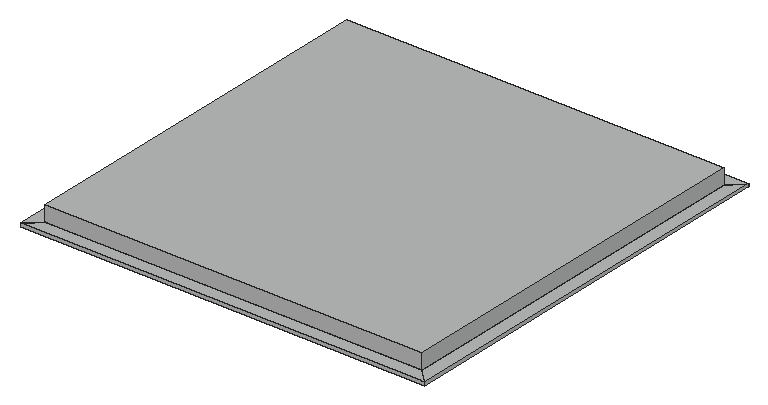
Revit family "AVRORA", category Осветительные приборы, Revit 2019 (continued)
Types (10, lengths in mm): name | built-in parameter 1150134 | Файл фотометрической сетки | built-in parameter 1150142 | built-in parameter 1150107 | Emit from Rectangle Width | Emit from Rectangle Length | Длина | Ширина | ADSK_Обозначение | ADSK_Наименование | ADSK_Код изделия
    0 1299.900 1287.600 1275.100 1257.500 1239.200 1218.900 1197.400 1173.600 1147.800 1120.600 1091.900 1062.200 1030.700 998.100 \r\n963.700 929.100 893.200 856.800 819.100 780.900 742.200 702.300 662.100 621.700 580.800 539.700 498.200 456.600 415.100 373.800 332.600 292.200 251.800 212.200 171.300 135.700 \r\n101.100 64.700 40.100 12.000 1.100 \r\n1326.100 1325.300 1322.500 1317.500 1310.400 1299.800 1287.400 1273.800 1258.000 1239.300 1219.400 1196.900 1173.600 1147.700 1120.600 1091.800 1062.200 1030.700 998.200 \r\n964.100 929.100 893.300 856.600 819.100 780.800 742.100 702.200 662.200 621.100 580.800 539.600 498.100 456.500 415.200 373.800 332.800 292.400 252.500 212.400 172.300 136.100 \r\n100.500 65.700 40.800 12.600 1.100 \r\n1326.200 1325.300 1322.700 1317.600 1310.100 1299.800 1288.100 1274.200 1257.100 1239.000 1219.300 1196.700 1173.100 1147.500 1120.600 1091.800 1062.000 1030.600 998.200 \r\n964.000 928.900 893.200 856.600 819.000 780.700 741.900 702.200 662.000 621.500 580.700 539.500 498.100 456.400 415.000 373.600 332.800 292.600 252.800 213.000 172.700 136.200 \r\n100.600 66.100 41.100 13.300 1.000 \r\n1326.100 1325.600 1322.900 1317.400 1309.700 1299.900 1287.800 1274.500 1257.900 1239.100 1219.100 1196.700 1173.000 1147.400 1120.400 1092.000 1062.200 1030.500 997.600 \r\n964.200 929.200 893.200 856.500 818.900 780.600 741.900 702.100 661.900 621.300 580.300 539.200 497.800 456.400 415.200 373.600 332.700 292.500 252.900 214.000 173.300 136.800 \r\n102.600 66.800 41.500 14.000 1.000 \r\n1326.400 1325.300 1322.700 1317.300 1309.700 1299.900 1287.200 1273.700 1256.700 1238.900 1219.000 1197.000 1173.100 1147.400 1120.300 1092.100 1061.900 1030.400 997.700 \r\n963.800 928.800 892.900 856.400 818.800 780.500 741.900 702.000 661.800 621.000 580.500 539.100 497.800 456.400 414.900 373.500 332.700 292.500 253.000 214.500 173.800 138.000 \r\n102.700 68.100 41.600 14.800 1.000 \r\n1326.200 1325.300 1322.400 1317.000 1309.400 1299.600 1287.700 1273.200 1256.400 1238.900 1218.700 1196.700 1172.700 1147.300 1120.300 1091.700 1061.900 1030.200 997.800 \r\n963.300 928.600 893.000 856.300 818.800 780.300 741.800 701.900 661.700 621.200 580.500 539.400 497.700 456.300 414.900 373.500 332.700 292.500 253.100 214.500 174.500 138.500 \r\n103.800 69.100 41.600 15.500 1.000 \r\n1326.100 1325.600 1322.600 1316.800 1309.600 1299.900 1287.800 1273.300 1257.400 1239.100 1218.500 1196.300 1172.800 1147.300 1120.100 1091.700 1061.700 1030.100 997.200 \r\n963.500 928.600 892.600 856.100 818.600 780.300 741.600 701.600 661.600 620.800 580.300 539.100 497.600 456.200 414.700 373.400 332.600 292.400 253.000 214.500 175.000 138.800 \r\n103.900 70.000 40.300 16.200 1.000 \r\n1325.900 1325.700 1322.300 1316.900 1309.400 1299.800 1288.100 1274.100 1257.800 1238.800 1218.500 1196.600 1172.800 1147.200 1120.000 1091.500 1061.600 1030.300 997.000 \r\n963.100 928.300 892.600 856.000 818.500 780.100 741.700 701.600 661.600 621.200 580.300 538.900 497.600 456.000 414.500 373.300 332.600 292.300 252.900 214.900 175.300 139.300 \r\n104.200 70.700 40.500 16.900 0.900 \r\n1326.200 1325.900 1322.300 1317.000 1309.600 1299.900 1287.800 1273.900 1256.600 1239.200 1219.200 1196.700 1172.600 1147.200 1120.000 1091.100 1061.400 1030.200 996.900 \r\n963.100 928.400 892.600 855.900 818.300 780.200 741.600 701.600 661.600 620.900 580.100 539.000 497.500 456.000 414.500 373.200 332.500 292.200 253.000 214.700 175.300 140.100 \r\n104.800 71.800 40.600 17.700 0.900 \r\n1326.200 1325.600 1322.300 1317.100 1309.400 1299.700 1287.400 1273.400 1257.600 1238.900 1219.200 1196.300 1172.400 1147.000 1120.000 1091.100 1061.200 1029.700 996.200 \r\n963.800 928.100 892.600 855.800 818.200 780.000 741.300 701.600 661.300 621.100 579.900 538.800 497.500 456.000 414.600 373.100 332.400 292.100 252.800 214.700 175.200 140.300 \r\n104.800 72.600 41.300 18.400 0.900 \r\n1326.300 1325.100 1321.900 1317.300 1309.500 1299.700 1287.200 1273.700 1257.000 1239.000 1218.600 1196.400 1172.200 1147.000 1119.600 1091.100 1060.900 1029.800 997.000 \r\n963.700 928.300 892.500 855.700 818.000 780.000 741.200 701.300 661.500 621.000 580.400 538.700 497.500 455.800 414.500 373.000 332.200 292.000 252.800 214.700 175.100 140.400 \r\n104.800 73.400 42.000 19.100 0.900 \r\n1326.500 1325.600 1322.100 1317.000 1309.400 1299.500 1287.700 1272.100 1256.900 1239.000 1218.400 1196.300 1172.200 1146.700 1119.900 1091.200 1060.900 1029.500 996.900 \r\n963.000 927.800 892.300 855.600 818.000 779.800 741.100 701.100 661.300 621.000 579.800 538.600 497.200 455.800 414.300 373.100 332.200 291.900 252.700 214.500 175.200 140.300 \r\n105.000 74.000 42.700 19.700 0.900 \r\n1326.000 1325.700 1321.900 1316.900 1309.200 1299.100 1287.400 1273.900 1256.900 1238.500 1218.700 1196.100 1172.000 1146.600 1119.400 1090.800 1060.400 1029.600 996.700 \r\n962.200 927.900 892.300 855.300 817.800 779.800 741.000 701.300 661.200 620.400 579.900 538.600 497.000 455.700 414.300 372.900 332.100 291.800 252.600 214.500 174.900 140.200 \r\n104.700 74.800 43.500 20.400 0.900 \r\n1326.100 1325.400 1322.100 1316.700 1309.400 1299.100 1286.300 1273.200 1257.400 1238.600 1218.400 1195.500 1171.400 1146.500 1119.300 1090.400 1061.000 1029.500 996.600 \r\n962.300 927.600 892.200 855.300 817.800 779.600 741.000 701.100 661.100 620.600 579.800 538.500 497.200 455.700 414.200 372.900 332.100 291.700 252.500 214.400 175.100 140.100 \r\n104.400 75.200 44.200 21.200 0.800 \r\n1326.200 1325.200 1321.900 1317.000 1309.600 1299.400 1287.300 1272.900 1256.200 1238.600 1218.600 1195.700 1171.400 1146.300 1119.100 1090.400 1060.400 1029.300 996.800 \r\n962.600 927.500 892.000 855.200 817.800 779.600 740.700 701.200 661.100 620.600 580.000 538.200 497.200 455.700 414.200 372.800 332.100 291.800 252.500 214.300 175.000 140.200 \r\n104.300 75.300 44.900 21.800 0.800 \r\n1326.400 1325.300 1322.000 1316.800 1309.400 1299.300 1287.300 1273.100 1256.400 1238.500 1217.800 1195.800 1171.300 1146.100 1119.100 1090.200 1060.400 1028.600 996.200 \r\n962.200 927.200 891.500 855.100 817.600 779.600 740.500 701.100 661.000 620.700 579.600 538.500 496.800 455.600 414.200 372.700 332.000 291.700 252.500 214.300 174.700 140.100 \r\n103.900 75.300 45.100 22.200 0.800 \r\n1326.700 1325.400 1322.100 1316.800 1309.100 1299.400 1287.100 1272.600 1256.800 1238.400 1217.700 1195.700 1171.200 1146.000 1118.800 1090.200 1060.400 1028.700 996.200 \r\n962.100 927.300 891.500 855.100 817.600 779.300 740.500 701.000 661.100 620.000 579.700 538.300 497.100 455.400 414.200 372.700 331.900 291.600 252.400 214.100 174.800 140.000 \r\n103.700 75.300 45.200 22.500 0.800 \r\n1326.500 1325.200 1322.200 1316.600 1308.900 1298.900 1287.000 1272.700 1256.000 1238.100 1217.500 1195.300 1171.600 1145.800 1118.600 1090.000 1059.800 1028.500 996.300 \r\n961.600 927.100 891.500 855.200 817.500 779.200 740.400 700.900 660.900 619.700 579.700 538.100 497.000 455.400 414.000 372.800 331.900 291.600 252.400 214.000 174.900 139.900 \r\n103.600 75.300 45.200 22.500 0.800 \r\n1326.400 1325.400 1322.100 1316.700 1309.000 1298.700 1287.200 1272.600 1255.900 1238.100 1217.300 1195.300 1171.300 1145.600 1118.600 1089.900 1059.900 1028.600 995.300 \r\n961.700 926.800 891.500 854.900 817.300 779.200 740.200 700.800 660.700 620.500 579.500 538.200 496.800 455.400 413.900 372.700 331.800 291.600 252.200 214.200 174.700 139.900 \r\n103.500 75.300 45.100 22.500 0.700 \r\n1326.100 1325.300 1321.800 1316.400 1309.000 1298.900 1286.700 1273.400 1257.000 1237.500 1217.500 1195.400 1171.500 1145.700 1118.300 1089.900 1059.900 1028.200 995.000 \r\n961.800 926.700 891.400 854.600 817.100 779.000 740.200 700.800 660.500 620.200 579.300 538.400 496.700 455.400 413.800 372.700 331.800 291.500 252.300 214.100 174.700 139.900 \r\n103.500 75.200 45.100 22.500 0.800 \r\n" | 4000 (stored number, unit not read) | 555 | 555 | 595 | 595 | "AVRORA-32/opal-sand 595x595х25 (IP20, 4000К)" | "Встраиваемый светодиодный светильник AVRORA-32/opal-sand 595x595х25 (IP20, 4000К)" | "РУ000003200"
  AVRORA-32/opal-sand 595x595х25 (IP20, 4000К) с БАП на 1 час | 12 | "Светильник AVRORA-32  OPAL-SAND-(595x595).ies" | "IESNA:LM-63-95\r\n[TEST] Протокол № 50-12 \r\n[DATA] 20.06.2016\r\n[MORE] \r\n[MANUFAC] ЗАО \"Центрстройсвет\"\r\n[LUMCAT]  Светильник ALUMOGIPS-38/OPAL-SAND-(610x610)\r\n[LUMINAIRE]\r\n[LAMPCAT] Светодиоды\r\n[LAMP] Поток источника света (светодиодов) не известен\r\n[MORE] КСС приведена в абсолютных величинах кд\r\n[MORE] Вместо потока лампы, указан поток светильника.\r\nTILT=NONE\r\n1    3750 1.0 37 73 1 2 0.61 0.61 0.04\r\n1.0 1.0 38.7\r\n0.0 5.0 10.0 15.0 20.0 25.0 30.0 35.0 40.0 45.0 50.0 55.0 60.0 65.0 70.0 75.0 80.0 85.0 90.0 95.0 100.0 105.0 110.0 115.0 120.0 125.0 130.0 135.0 140.0 145.0 150.0 155.0 160.0 165.0 170.0 175.0 180.0\r\n0.0 5.0 10.0 15.0 20.0 25.0 30.0 35.0 40.0 45.0 50.0 55.0 60.0 65.0 70.0 75.0 80.0 85.0 90.0 95.0 100.0 105.0 110.0 115.0 120.0 125.0 130.0 135.0 140.0 145.0 150.0 155.0 160.0 165.0 170.0 175.0 180.0 185.0 190.0 195.0 200.0 205.0 210.0 215.0 220.0 225.0 230.0 235.0 240.0 245.0 250.0 255.0 260.0 265.0 270.0 275.0 280.0 285.0 290.0 295.0 300.0 305.0 310.0 315.0 320.0 325.0 330.0 335.0 340.0 345.0 350.0 355.0 360.0\r\n1391.4 1390.6 1365.7 1330.6 1277.5 1214.9 1147.5 1059.6 967.6 873.2 772.4 664.9 556.3 449.1 342.7 240.6 147.1 64.2 4.7 0.0 0.0 0.0 0.0 0.0 0.0 0.0 0.0 0.0 0.0 0.0 0.0 0.0 0.0 0.0 0.0 0.0 0.0\r\n1391.4 1390.5 1367.8 1332.7 1284.3 1221.3 1147.0 1062.1 969.2 872.4 773.2 666.3 557.1 450.1 343.8 241.9 146.9 64.7 5.2 0.0 0.0 0.0 0.0 0.0 0.0 0.0 0.0 0.0 0.0 0.0 0.0 0.0 0.0 0.0 0.0 0.0 0.0\r\n1391.4 1390.2 1372.0 1333.3 1277.3 1216.8 1144.5 1057.4 969.6 875.1 773.8 669.5 560.0 454.6 345.8 242.4 148.5 65.8 5.4 0.0 0.0 0.0 0.0 0.0 0.0 0.0 0.0 0.0 0.0 0.0 0.0 0.0 0.0 0.0 0.0 0.0 0.0\r\n1391.4 1389.8 1371.2 1330.7 1279.5 1220.5 1148.3 1059.9 967.7 873.2 767.5 666.8 561.4 453.0 347.1 243.7 149.9 65.6 5.8 0.0 0.0 0.0 0.0 0.0 0.0 0.0 0.0 0.0 0.0 0.0 0.0 0.0 0.0 0.0 0.0 0.0 0.0\r\n1391.4 1389.8 1368.3 1329.3 1285.0 1214.6 1141.1 1058.7 971.8 871.3 775.2 666.9 559.4 452.6 345.8 242.5 150.0 65.8 6.1 0.0 0.0 0.0 0.0 0.0 0.0 0.0 0.0 0.0 0.0 0.0 0.0 0.0 0.0 0.0 0.0 0.0 0.0\r\n1391.4 1390.5 1367.3 1332.3 1281.7 1219.0 1142.8 1064.6 970.5 874.4 772.1 667.5 560.2 453.0 346.2 241.8 149.4 65.7 5.6 0.0 0.0 0.0 0.0 0.0 0.0 0.0 0.0 0.0 0.0 0.0 0.0 0.0 0.0 0.0 0.0 0.0 0.0\r\n1391.4 1391.4 1368.1 1333.5 1277.3 1215.7 1139.0 1059.6 968.1 872.4 771.6 667.4 558.8 453.3 344.3 243.9 148.4 65.7 5.4 0.0 0.0 0.0 0.0 0.0 0.0 0.0 0.0 0.0 0.0 0.0 0.0 0.0 0.0 0.0 0.0 0.0 0.0\r\n1391.4 1391.7 1368.1 1330.4 1278.2 1213.9 1142.4 1061.6 967.4 875.1 772.0 669.3 561.1 452.5 345.2 242.1 148.3 65.4 5.5 0.0 0.0 0.0 0.0 0.0 0.0 0.0 0.0 0.0 0.0 0.0 0.0 0.0 0.0 0.0 0.0 0.0 0.0\r\n1391.4 1391.5 1371.0 1328.4 1278.5 1216.7 1142.1 1061.2 971.8 874.7 772.1 668.9 560.8 452.9 345.4 243.3 147.7 66.0 5.4 0.0 0.0 0.0 0.0 0.0 0.0 0.0 0.0 0.0 0.0 0.0 0.0 0.0 0.0 0.0 0.0 0.0 0.0\r\n1391.4 1391.5 1373.2 1330.5 1277.3 1215.5 1143.2 1063.6 967.0 872.7 772.2 669.4 558.9 453.2 346.6 241.9 148.1 65.2 5.5 0.0 0.0 0.0 0.0 0.0 0.0 0.0 0.0 0.0 0.0 0.0 0.0 0.0 0.0 0.0 0.0 0.0 0.0\r\n1391.4 1391.4 1369.7 1328.3 1281.3 1216.0 1139.8 1057.9 968.7 875.3 773.9 667.6 561.8 454.0 344.0 243.1 147.2 65.6 5.5 0.0 0.0 0.0 0.0 0.0 0.0 0.0 0.0 0.0 0.0 0.0 0.0 0.0 0.0 0.0 0.0 0.0 0.0\r\n1391.4 1390.5 1367.9 1330.1 1278.1 1218.1 1138.9 1061.0 970.0 871.8 770.4 669.3 560.2 453.4 346.9 242.1 148.3 65.2 5.2 0.0 0.0 0.0 0.0 0.0 0.0 0.0 0.0 0.0 0.0 0.0 0.0 0.0 0.0 0.0 0.0 0.0 0.0\r\n1391.4 1389.3 1368.2 1329.1 1280.8 1214.4 1142.5 1059.2 967.2 874.3 772.4 668.0 563.1 452.3 345.7 242.8 146.8 64.9 5.1 0.0 0.0 0.0 0.0 0.0 0.0 0.0 0.0 0.0 0.0 0.0 0.0 0.0 0.0 0.0 0.0 0.0 0.0\r\n1391.4 1388.6 1367.4 1327.8 1278.0 1215.7 1141.0 1061.0 971.5 877.3 771.2 667.3 561.5 453.0 346.4 242.4 146.3 64.8 5.2 0.0 0.0 0.0 0.0 0.0 0.0 0.0 0.0 0.0 0.0 0.0 0.0 0.0 0.0 0.0 0.0 0.0 0.0\r\n1391.4 1388.0 1367.6 1326.7 1278.3 1218.0 1140.9 1061.5 968.4 873.4 770.1 666.6 562.1 454.6 344.8 241.8 146.4 64.0 5.5 0.0 0.0 0.0 0.0 0.0 0.0 0.0 0.0 0.0 0.0 0.0 0.0 0.0 0.0 0.0 0.0 0.0 0.0\r\n1391.4 1387.2 1366.1 1331.0 1281.4 1216.3 1142.7 1059.1 969.4 871.5 772.2 667.3 560.5 453.0 344.4 242.2 146.4 63.8 5.6 0.0 0.0 0.0 0.0 0.0 0.0 0.0 0.0 0.0 0.0 0.0 0.0 0.0 0.0 0.0 0.0 0.0 0.0\r\n1391.4 1387.1 1366.3 1328.7 1276.9 1214.5 1141.2 1059.3 968.4 874.3 775.5 668.3 562.5 454.9 346.4 241.3 146.2 63.5 5.7 0.0 0.0 0.0 0.0 0.0 0.0 0.0 0.0 0.0 0.0 0.0 0.0 0.0 0.0 0.0 0.0 0.0 0.0\r\n1391.4 1388.4 1366.0 1329.7 1279.2 1217.9 1140.0 1060.5 969.0 873.9 772.0 671.3 560.4 453.2 343.7 241.7 145.8 63.7 5.4 0.0 0.0 0.0 0.0 0.0 0.0 0.0 0.0 0.0 0.0 0.0 0.0 0.0 0.0 0.0 0.0 0.0 0.0\r\n1391.4 1389.6 1367.7 1329.3 1277.2 1211.1 1140.1 1061.0 971.0 871.2 769.2 669.1 561.5 453.1 343.3 241.9 145.8 63.4 5.2 0.0 0.0 0.0 0.0 0.0 0.0 0.0 0.0 0.0 0.0 0.0 0.0 0.0 0.0 0.0 0.0 0.0 0.0\r\n1391.4 1388.8 1366.9 1327.1 1279.4 1214.2 1142.5 1056.4 970.7 870.3 771.0 665.1 560.4 453.3 343.8 241.1 145.7 63.4 5.2 0.0 0.0 0.0 0.0 0.0 0.0 0.0 0.0 0.0 0.0 0.0 0.0 0.0 0.0 0.0 0.0 0.0 0.0\r\n1391.4 1387.2 1365.8 1328.9 1276.6 1210.2 1141.4 1059.3 966.6 871.4 770.5 667.4 559.2 451.4 344.2 241.0 145.6 63.2 5.1 0.0 0.0 0.0 0.0 0.0 0.0 0.0 0.0 0.0 0.0 0.0 0.0 0.0 0.0 0.0 0.0 0.0 0.0\r\n1391.4 1386.8 1364.4 1329.8 1279.4 1213.7 1144.0 1059.0 965.3 873.7 768.8 668.9 559.4 449.5 342.6 241.5 144.6 63.4 5.0 0.0 0.0 0.0 0.0 0.0 0.0 0.0 0.0 0.0 0.0 0.0 0.0 0.0 0.0 0.0 0.0 0.0 0.0\r\n1391.4 1388.1 1365.8 1328.1 1273.8 1213.4 1137.9 1059.2 967.3 869.2 769.3 667.7 558.4 451.4 344.0 240.6 145.7 63.4 4.9 0.0 0.0 0.0 0.0 0.0 0.0 0.0 0.0 0.0 0.0 0.0 0.0 0.0 0.0 0.0 0.0 0.0 0.0\r\n1391.4 1389.2 1364.4 1323.2 1276.3 1213.8 1137.6 1055.3 963.1 871.0 767.7 664.1 559.7 447.1 342.4 240.1 145.2 63.9 5.1 0.0 0.0 0.0 0.0 0.0 0.0 0.0 0.0 0.0 0.0 0.0 0.0 0.0 0.0 0.0 0.0 0.0 0.0\r\n1391.4 1388.4 1362.3 1326.8 1274.4 1212.2 1137.9 1054.7 966.7 867.9 768.7 663.4 557.3 449.2 343.3 240.0 145.7 63.6 5.0 0.0 0.0 0.0 0.0 0.0 0.0 0.0 0.0 0.0 0.0 0.0 0.0 0.0 0.0 0.0 0.0 0.0 0.0\r\n1391.4 1386.2 1361.8 1326.5 1273.3 1211.2 1134.5 1048.6 964.3 866.3 767.8 662.9 556.7 449.5 341.9 239.8 145.7 63.7 5.0 0.0 0.0 0.0 0.0 0.0 0.0 0.0 0.0 0.0 0.0 0.0 0.0 0.0 0.0 0.0 0.0 0.0 0.0\r\n1391.4 1384.4 1363.5 1324.4 1272.0 1209.5 1137.2 1053.0 960.2 867.5 767.9 662.7 556.7 449.2 342.5 239.1 146.2 63.8 4.8 0.0 0.0 0.0 0.0 0.0 0.0 0.0 0.0 0.0 0.0 0.0 0.0 0.0 0.0 0.0 0.0 0.0 0.0\r\n1391.4 1383.7 1362.4 1324.4 1274.0 1209.5 1134.4 1050.1 965.4 864.9 764.6 662.3 556.6 447.9 340.5 240.3 145.5 64.6 4.6 0.0 0.0 0.0 0.0 0.0 0.0 0.0 0.0 0.0 0.0 0.0 0.0 0.0 0.0 0.0 0.0 0.0 0.0\r\n1391.4 1384.4 1361.9 1326.9 1270.2 1207.3 1132.7 1050.1 959.7 867.7 763.1 662.2 555.0 447.3 343.0 238.3 145.8 63.9 4.7 0.0 0.0 0.0 0.0 0.0 0.0 0.0 0.0 0.0 0.0 0.0 0.0 0.0 0.0 0.0 0.0 0.0 0.0\r\n1391.4 1385.1 1363.0 1320.0 1270.4 1207.9 1134.4 1055.0 963.5 867.3 766.7 660.7 555.9 450.1 342.6 240.2 145.9 64.3 4.9 0.0 0.0 0.0 0.0 0.0 0.0 0.0 0.0 0.0 0.0 0.0 0.0 0.0 0.0 0.0 0.0 0.0 0.0\r\n1391.4 1384.9 1362.3 1321.4 1273.1 1208.0 1135.4 1052.3 961.9 865.0 764.0 660.8 553.5 447.6 341.2 240.3 146.1 63.8 4.8 0.0 0.0 0.0 0.0 0.0 0.0 0.0 0.0 0.0 0.0 0.0 0.0 0.0 0.0 0.0 0.0 0.0 0.0\r\n1391.4 1383.8 1361.2 1322.1 1265.1 1211.5 1132.8 1049.3 961.3 863.4 764.0 661.0 550.7 447.9 341.0 240.1 146.2 63.8 4.6 0.0 0.0 0.0 0.0 0.0 0.0 0.0 0.0 0.0 0.0 0.0 0.0 0.0 0.0 0.0 0.0 0.0 0.0\r\n1391.4 1382.8 1359.3 1321.5 1269.3 1206.8 1132.8 1051.1 958.3 863.2 763.1 662.7 553.4 448.0 340.4 240.0 145.8 63.8 4.0 0.0 0.0 0.0 0.0 0.0 0.0 0.0 0.0 0.0 0.0 0.0 0.0 0.0 0.0 0.0 0.0 0.0 0.0\r\n1391.4 1382.6 1359.0 1319.6 1268.1 1204.3 1129.8 1049.0 957.7 861.8 761.7 658.4 554.2 446.1 340.4 239.0 145.6 63.8 3.8 0.0 0.0 0.0 0.0 0.0 0.0 0.0 0.0 0.0 0.0 0.0 0.0 0.0 0.0 0.0 0.0 0.0 0.0\r\n1391.4 1382.8 1358.5 1315.8 1266.5 1202.1 1128.5 1049.2 957.6 860.0 762.1 658.2 549.9 443.8 339.6 238.4 145.7 63.6 3.7 0.0 0.0 0.0 0.0 0.0 0.0 0.0 0.0 0.0 0.0 0.0 0.0 0.0 0.0 0.0 0.0 0.0 0.0\r\n1391.4 1382.2 1360.5 1319.2 1265.9 1204.5 1129.9 1046.9 955.0 862.9 758.9 657.9 552.5 444.9 338.9 238.8 145.3 63.6 3.3 0.0 0.0 0.0 0.0 0.0 0.0 0.0 0.0 0.0 0.0 0.0 0.0 0.0 0.0 0.0 0.0 0.0 0.0\r\n1391.4 1381.1 1361.2 1321.0 1268.1 1203.8 1128.8 1047.4 955.6 863.7 761.1 656.4 551.5 445.2 339.2 238.5 144.7 62.5 3.5 0.0 0.0 0.0 0.0 0.0 0.0 0.0 0.0 0.0 0.0 0.0 0.0 0.0 0.0 0.0 0.0 0.0 0.0\r\n1391.4 1380.6 1359.0 1316.4 1268.5 1204.0 1126.1 1049.5 956.2 859.6 759.7 656.5 549.2 444.3 338.4 236.1 143.8 61.6 3.2 0.0 0.0 0.0 0.0 0.0 0.0 0.0 0.0 0.0 0.0 0.0 0.0 0.0 0.0 0.0 0.0 0.0 0.0\r\n1391.4 1380.7 1356.6 1316.0 1267.0 1205.6 1130.3 1044.8 956.9 856.7 759.3 653.5 548.1 441.9 335.3 235.4 141.4 60.3 2.9 0.0 0.0 0.0 0.0 0.0 0.0 0.0 0.0 0.0 0.0 0.0 0.0 0.0 0.0 0.0 0.0 0.0 0.0\r\n1391.4 1380.4 1354.4 1317.9 1268.8 1199.0 1129.0 1044.0 956.9 860.6 758.3 656.9 549.1 442.0 334.4 236.1 141.7 60.5 2.6 0.0 0.0 0.0 0.0 0.0 0.0 0.0 0.0 0.0 0.0 0.0 0.0 0.0 0.0 0.0 0.0 0.0 0.0\r\n1391.4 1380.1 1356.7 1322.1 1264.6 1201.7 1129.9 1047.4 957.2 859.7 758.2 656.1 549.4 442.8 335.3 235.8 141.3 60.6 2.3 0.0 0.0 0.0 0.0 0.0 0.0 0.0 0.0 0.0 0.0 0.0 0.0 0.0 0.0 0.0 0.0 0.0 0.0\r\n1391.4 1379.9 1357.3 1317.5 1265.9 1207.8 1129.2 1046.5 955.7 860.2 758.6 656.9 550.7 441.9 335.4 233.9 140.6 60.2 2.4 0.0 0.0 0.0 0.0 0.0 0.0 0.0 0.0 0.0 0.0 0.0 0.0 0.0 0.0 0.0 0.0 0.0 0.0\r\n1391.4 1379.2 1355.5 1314.6 1269.3 1203.7 1133.5 1044.8 957.2 857.9 762.0 656.6 548.7 440.4 335.9 234.5 140.4 59.8 2.8 0.0 0.0 0.0 0.0 0.0 0.0 0.0 0.0 0.0 0.0 0.0 0.0 0.0 0.0 0.0 0.0 0.0 0.0\r\n1391.4 1377.9 1357.1 1319.2 1271.9 1204.4 1128.6 1050.2 953.1 856.9 757.6 653.7 548.9 439.9 335.4 232.4 140.5 59.2 3.0 0.0 0.0 0.0 0.0 0.0 0.0 0.0 0.0 0.0 0.0 0.0 0.0 0.0 0.0 0.0 0.0 0.0 0.0\r\n1391.4 1377.2 1356.3 1322.9 1266.0 1204.8 1132.2 1049.0 958.1 859.3 759.0 654.6 547.0 441.6 334.9 232.1 139.3 58.8 2.9 0.0 0.0 0.0 0.0 0.0 0.0 0.0 0.0 0.0 0.0 0.0 0.0 0.0 0.0 0.0 0.0 0.0 0.0\r\n1391.4 1377.8 1353.8 1319.7 1269.6 1207.9 1135.8 1049.5 955.8 858.0 762.4 655.9 548.2 441.6 335.6 231.7 139.4 58.8 2.8 0.0 0.0 0.0 0.0 0.0 0.0 0.0 0.0 0.0 0.0 0.0 0.0 0.0 0.0 0.0 0.0 0.0 0.0\r\n1391.4 1378.5 1355.2 1319.8 1267.3 1206.5 1131.2 1046.1 954.6 861.2 756.6 653.8 548.1 440.3 335.0 232.6 138.6 59.0 2.9 0.0 0.0 0.0 0.0 0.0 0.0 0.0 0.0 0.0 0.0 0.0 0.0 0.0 0.0 0.0 0.0 0.0 0.0\r\n1391.4 1378.6 1355.1 1318.3 1269.7 1200.8 1133.1 1049.0 957.6 862.5 762.4 656.9 549.3 443.5 334.7 231.2 138.8 58.1 3.0 0.0 0.0 0.0 0.0 0.0 0.0 0.0 0.0 0.0 0.0 0.0 0.0 0.0 0.0 0.0 0.0 0.0 0.0\r\n1391.4 1378.8 1355.8 1321.7 1268.8 1210.0 1129.0 1048.5 958.8 862.4 762.2 656.4 549.0 441.1 335.4 231.5 138.5 58.1 3.0 0.0 0.0 0.0 0.0 0.0 0.0 0.0 0.0 0.0 0.0 0.0 0.0 0.0 0.0 0.0 0.0 0.0 0.0\r\n1391.4 1379.6 1357.6 1321.7 1269.0 1207.1 1133.9 1047.0 964.1 863.3 761.9 656.4 551.5 440.7 334.9 232.2 137.6 58.1 2.8 0.0 0.0 0.0 0.0 0.0 0.0 0.0 0.0 0.0 0.0 0.0 0.0 0.0 0.0 0.0 0.0 0.0 0.0\r\n1391.4 1380.6 1357.7 1319.2 1272.0 1207.5 1131.3 1054.6 959.0 863.3 764.8 655.9 549.1 443.0 335.1 231.3 138.0 58.1 2.7 0.0 0.0 0.0 0.0 0.0 0.0 0.0 0.0 0.0 0.0 0.0 0.0 0.0 0.0 0.0 0.0 0.0 0.0\r\n1391.4 1381.5 1358.5 1321.9 1271.0 1204.1 1135.9 1055.8 962.5 865.5 761.1 656.9 550.6 442.0 335.3 231.9 137.4 57.9 2.6 0.0 0.0 0.0 0.0 0.0 0.0 0.0 0.0 0.0 0.0 0.0 0.0 0.0 0.0 0.0 0.0 0.0 0.0\r\n1391.4 1381.3 1358.5 1322.3 1270.8 1207.2 1133.7 1051.9 958.0 867.3 767.5 657.0 552.1 442.3 333.6 231.2 137.9 57.8 2.6 0.0 0.0 0.0 0.0 0.0 0.0 0.0 0.0 0.0 0.0 0.0 0.0 0.0 0.0 0.0 0.0 0.0 0.0\r\n1391.4 1380.6 1359.4 1319.7 1270.6 1209.0 1133.0 1052.1 963.9 867.5 764.1 660.0 554.0 443.3 334.8 231.7 137.6 57.8 2.7 0.0 0.0 0.0 0.0 0.0 0.0 0.0 0.0 0.0 0.0 0.0 0.0 0.0 0.0 0.0 0.0 0.0 0.0\r\n1391.4 1381.3 1359.9 1321.3 1270.6 1204.8 1135.0 1051.3 962.1 865.5 761.7 660.3 553.1 443.5 334.1 231.9 137.9 57.8 2.8 0.0 0.0 0.0 0.0 0.0 0.0 0.0 0.0 0.0 0.0 0.0 0.0 0.0 0.0 0.0 0.0 0.0 0.0\r\n1391.4 1383.1 1362.1 1324.8 1273.8 1208.7 1134.8 1055.9 961.8 866.4 762.3 659.7 552.4 443.7 334.4 232.8 138.0 58.0 2.8 0.0 0.0 0.0 0.0 0.0 0.0 0.0 0.0 0.0 0.0 0.0 0.0 0.0 0.0 0.0 0.0 0.0 0.0\r\n1391.4 1384.6 1360.4 1321.7 1272.0 1210.6 1130.9 1052.5 963.1 866.7 767.4 659.3 553.7 444.6 335.4 233.1 138.3 58.0 2.8 0.0 0.0 0.0 0.0 0.0 0.0 0.0 0.0 0.0 0.0 0.0 0.0 0.0 0.0 0.0 0.0 0.0 0.0\r\n1391.4 1385.6 1357.5 1324.7 1273.9 1211.6 1134.3 1052.7 963.6 865.4 763.1 658.7 552.2 444.9 336.9 232.8 138.8 58.6 2.9 0.0 0.0 0.0 0.0 0.0 0.0 0.0 0.0 0.0 0.0 0.0 0.0 0.0 0.0 0.0 0.0 0.0 0.0\r\n1391.4 1386.4 1357.8 1323.4 1273.2 1212.2 1136.3 1054.7 967.5 867.5 764.0 659.4 553.3 443.7 336.8 233.2 138.9 58.5 3.1 0.0 0.0 0.0 0.0 0.0 0.0 0.0 0.0 0.0 0.0 0.0 0.0 0.0 0.0 0.0 0.0 0.0 0.0\r\n1391.4 1386.6 1362.0 1324.9 1273.2 1211.3 1139.0 1049.9 960.3 866.4 768.0 661.3 552.2 443.4 336.3 233.4 139.8 58.9 3.1 0.0 0.0 0.0 0.0 0.0 0.0 0.0 0.0 0.0 0.0 0.0 0.0 0.0 0.0 0.0 0.0 0.0 0.0\r\n1391.4 1386.0 1360.5 1326.0 1271.8 1212.0 1137.2 1059.3 963.5 867.6 766.9 661.2 552.3 445.8 337.8 233.6 141.0 59.2 3.3 0.0 0.0 0.0 0.0 0.0 0.0 0.0 0.0 0.0 0.0 0.0 0.0 0.0 0.0 0.0 0.0 0.0 0.0\r\n1391.4 1385.0 1362.3 1325.1 1272.0 1207.1 1138.5 1053.6 964.5 865.8 766.5 661.6 554.3 445.9 337.0 234.5 140.4 60.2 3.5 0.0 0.0 0.0 0.0 0.0 0.0 0.0 0.0 0.0 0.0 0.0 0.0 0.0 0.0 0.0 0.0 0.0 0.0\r\n1391.4 1384.4 1361.8 1323.6 1274.0 1214.8 1138.9 1053.9 968.0 867.9 769.0 663.8 555.6 446.7 339.6 235.0 141.3 60.4 3.4 0.0 0.0 0.0 0.0 0.0 0.0 0.0 0.0 0.0 0.0 0.0 0.0 0.0 0.0 0.0 0.0 0.0 0.0\r\n1391.4 1385.0 1360.9 1322.2 1272.4 1209.8 1137.2 1055.7 962.7 869.7 769.6 658.2 556.6 447.4 338.5 236.2 142.5 60.7 3.4 0.0 0.0 0.0 0.0 0.0 0.0 0.0 0.0 0.0 0.0 0.0 0.0 0.0 0.0 0.0 0.0 0.0 0.0\r\n1391.4 1386.6 1363.1 1323.6 1272.5 1211.5 1139.2 1058.4 969.9 868.0 768.8 664.6 556.3 445.8 342.1 236.1 142.3 61.2 3.5 0.0 0.0 0.0 0.0 0.0 0.0 0.0 0.0 0.0 0.0 0.0 0.0 0.0 0.0 0.0 0.0 0.0 0.0\r\n1391.4 1388.6 1360.9 1330.2 1273.7 1213.2 1138.7 1058.3 966.2 867.0 766.8 663.4 553.3 447.1 339.2 238.7 143.0 61.4 3.8 0.0 0.0 0.0 0.0 0.0 0.0 0.0 0.0 0.0 0.0 0.0 0.0 0.0 0.0 0.0 0.0 0.0 0.0\r\n1391.4 1389.8 1360.8 1328.4 1276.8 1216.0 1140.1 1055.8 963.1 870.3 768.4 663.1 554.0 449.1 340.1 237.3 144.8 61.7 3.8 0.0 0.0 0.0 0.0 0.0 0.0 0.0 0.0 0.0 0.0 0.0 0.0 0.0 0.0 0.0 0.0 0.0 0.0\r\n1391.4 1389.3 1362.5 1325.9 1278.0 1210.4 1138.2 1054.7 967.8 872.7 770.2 661.9 556.5 446.9 341.3 237.7 144.4 62.5 3.9 0.0 0.0 0.0 0.0 0.0 0.0 0.0 0.0 0.0 0.0 0.0 0.0 0.0 0.0 0.0 0.0 0.0 0.0\r\n1391.4 1387.8 1365.8 1326.6 1274.3 1213.2 1141.4 1053.1 966.2 871.2 768.4 663.7 555.0 447.1 341.3 238.2 144.3 62.7 4.1 0.0 0.0 0.0 0.0 0.0 0.0 0.0 0.0 0.0 0.0 0.0 0.0 0.0 0.0 0.0 0.0 0.0 0.0\r\n1391.4 1387.2 1364.2 1328.3 1274.8 1209.4 1145.0 1060.0 963.9 867.5 766.5 663.4 556.7 448.2 340.9 240.3 144.7 63.3 4.0 0.0 0.0 0.0 0.0 0.0 0.0 0.0 0.0 0.0 0.0 0.0 0.0 0.0 0.0 0.0 0.0 0.0 0.0\r\n1391.4 1388.4 1364.9 1332.6 1279.0 1215.6 1140.9 1056.3 969.3 867.1 770.0 663.8 559.0 449.0 342.4 240.3 145.7 63.3 4.7 0.0 0.0 0.0 0.0 0.0 0.0 0.0 0.0 0.0 0.0 0.0 0.0 0.0 0.0 0.0 0.0 0.0 0.0\r\n1391.4 1390.0 1364.5 1329.3 1281.4 1217.7 1141.3 1063.3 970.3 871.1 768.8 663.5 555.2 449.3 342.4 239.8 146.6 63.3 4.9 0.0 0.0 0.0 0.0 0.0 0.0 0.0 0.0 0.0 0.0 0.0 0.0 0.0 0.0 0.0 0.0 0.0 0.0\r\n1391.4 1390.6 1365.7 1330.6 1277.5 1214.9 1147.5 1059.6 967.6 873.2 772.4 664.9 556.3 449.1 342.7 240.6 147.1 64.2 4.7 0.0 0.0 0.0 0.0 0.0 0.0 0.0 0.0 0.0 0.0 0.0 0.0 0.0 0.0 0.0 0.0 0.0 0.0\r\n" | 4000 (stored number, unit not read) | 555 | 555 | 595 | 595 | "AVRORA-32/opal-sand 595x595х25 (IP20, 4000К)" | "Встраиваемый светодиодный светильник AVRORA-32/opal-sand 595x595х25 (IP20, 4000К) с БАП на 1 час" | "ЦБ000008826"
